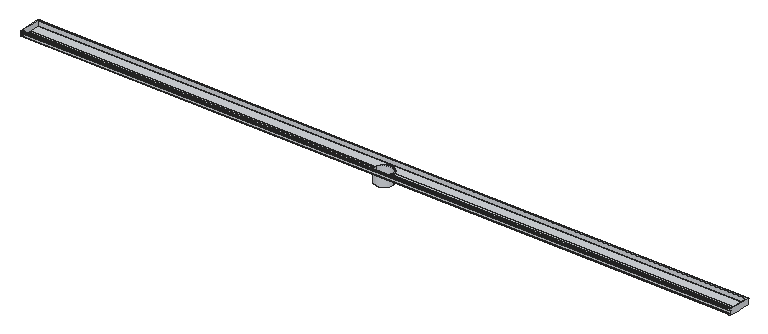
Revit family "Reece_Waste_Kado_Lux_Shower Channel_Custom_Welded Ends", category Plumbing Fixtures, host Face, Revit 2018
Family settings
  Host = Face
  Round Connector Dimension = Use Diameter
  Part Type = Normal
  Cut with Voids When Loaded = No
  Shared = Yes
  Room Calculation Point = Yes
Parameters
  Waste Connection = no
  Waste = Reece_Waste_Kado_Lux_Shower Channel_Custom_Rectangular_Nested : Reece_Waste_Kado_Lux_Shower Channel_Custom_Rectangular_Nested
  WFU = 0  # constant formula
  Vent Connection = no
  URL = "https://www.reece.com.au/product/-306295"
  Type Comments = "Waste\r\n"
  Reece_Waste_Outlet = 76.2 mm  # constant formula
  Reece_Product_Web Page = "https://www.reece.com.au/product/-306295"
  Reece_Product_Type = "Waste\r\n"  # constant formula
  Reece_Product_Sub Brand = "Lux"  # constant formula
  Reece_Product_Number = "306295"
  Reece_Product_Mount = "Floor Inset"
  Reece_Product_Description = "Kado Lux Shower Channel Custom Welded Ends Made to Length Satin"
  Reece_Product_Brand = "Kado"  # constant formula
  Reece_Overall_Width = 96 mm  # constant formula
  Reece_Overall_Length [instance] = 3000 mm
  Reece_Overall_Height = 24 mm  # constant formula
  Reece_Material_Main = Reece_Metal_Stainless Steel_Satin
  Reece_Detail_Shape = "Cut to length"
  Reece_Detail_Disclaimer = "THIS FILE IS THE PROPERTY OF THE REECE GROUP. IT MAY NOT BE REPRODUCED, REVERSE-ENGINEERED OR MODIFIED. ANY REPUBLICATION, TRANSMISSION OR DISTRIBUTION FOR THE PURPOSE OF COMMERCIALLY EXPLOITING THE FILES IS PROHIBITED."  # constant formula
  Reece_Detail_Additional = "Shower Channel"  # constant formula
  Model = "Lux"
  Manufacturer = "Kado"
  Keynote = "Product #306295, Reece_Waste_Kado_Lux_Shower Channel_Custom_Welded Ends -  "
  HWFU = 0  # constant formula
  HW Connection = no
  Disclaimer = "THIS FILE IS THE PROPERTY OF THE REECE GROUP. IT MAY NOT BE REPRODUCED, REVERSE-ENGINEERED OR MODIFIED. ANY REPUBLICATION, TRANSMISSION OR DISTRIBUTION FOR THE PURPOSE OF COMMERCIALLY EXPLOITING THE FILES IS PROHIBITED."  # constant formula
  Description = "Kado Lux Shower Channel Custom Welded Ends Made to Length Satin"
  Default Elevation = 1000 mm
  CWFU = 0  # constant formula
  CW Connection = no
Types (4, lengths in mm): name | Waste | URL | Reece_Product_Web Page | Reece_Product_Number | Reece_Product_Description | Reece_Detail_Shape | Keynote | Description
  (no name) | Reece_Waste_Kado_Lux_Shower Channel_Custom_Rectangular_Nested : Reece_Waste_Kado_Lux_Shower Channel_Custom_Rectangular_Nested | "https://www.reece.com.au/product/-306295" | "https://www.reece.com.au/product/-306295" | "306295" | "Kado Lux Shower Channel Custom Welded Ends Made to Length Satin" | "Cut to length" | "Product #306295, Reece_Waste_Kado_Lux_Shower Channel_Custom_Welded Ends -  " | "Kado Lux Shower Channel Custom Welded Ends Made to Length Satin"
  3000 mm_Made to Length_Satin Stainless Steel | Reece_Waste_Kado_Lux_Shower Channel_Custom_Rectangular_Nested : Reece_Waste_Kado_Lux_Shower Channel_Custom_Rectangular_Nested | "https://www.reece.com.au/product/-306295" | "https://www.reece.com.au/product/-306295" | "306295" | "Kado Lux Shower Channel Custom Welded Ends Made to Length Satin" | "Cut to length" | "Product #306295, Reece_Waste_Kado_Lux_Shower Channel_Custom_Welded Ends - 3000 mm_Made to Length_Satin Stainless Steel" | "Kado Lux Shower Channel Custom Welded Ends Made to Length Satin"
  3000 mm_Oval_Made to Length_Satin Stainless Steel | Reece_Waste_Kado_Lux_Shower Channel_Custom_Oval_Nested : Reece_Waste_Kado_Lux_Shower Channel_Custom_Oval_Nested | "https://www.reece.com.au/product/-306294" | "https://www.reece.com.au/product/-306294" | "306294" | "Kado Lux Oval Shower Channel Custom Welded Ends Made to Length Satin" | "Oval" | "Product #306294, Reece_Waste_Kado_Lux_Shower Channel_Custom_Welded Ends - 3000 mm_Oval_Made to Length_Satin Stainless Steel" | "Kado Lux Oval Shower Channel Custom Welded Ends Made to Length Satin"
  3000 mm_Square_Made to Length_Satin Stainless Steel | Reece_Waste_Kado_Lux_Shower Channel_Custom_Square_Nested : Reece_Waste_Kado_Lux_Shower Channel_Custom_Square_Nested | "https://www.reece.com.au/product/-306296" | "https://www.reece.com.au/product/-306296" | "306296" | "Kado Lux Square Shower Channel Custom Welded Ends Made to Length Satin" | "Square" | "Product #306296, Reece_Waste_Kado_Lux_Shower Channel_Custom_Welded Ends - 3000 mm_Square_Made to Length_Satin Stainless Steel" | "Kado Lux Square Shower Channel Custom Welded Ends Made to Length Satin"
Reference planes
  plane 1 "Center (Front/Back)": y = 0
  plane 2 "Bottom": z = 0
  plane 3 "Center (Left/Right)": x = 0
  plane 4: z = -2
  plane 5: y = -46.5
  plane 6: x = -1500
  plane 7: x = 1500
  plane 8: y = 48
  plane 9: y = -48
  plane 10: z = -2
  plane 11: z = -26
  plane 12: z = -66
  plane 13: x = -1504
  plane 14: x = 1504
Forms (mm)
  Extrusion 1, void
    sketch origin (0, 0, -27) x (0, 1, 0) y (-1, 0, 0)
      loop
        line (48, 1500) -> (-48, 1500) -> (-48, -1500) -> (48, -1500) -> (48, 1500)
    from -39 to 32
  Revolve 2, solid
    sketch origin (0, 0, -2) x (1, 0, 0) y (0, 0, 1)
      loop
        line (-34.998, -21.501) -> (-36.549, -21.501) -> (-36.549, -24) -> (-38.1, -24) -> (-38.1, -64) -> (-34.998, -64) -> (-34.998, -21.501)
      axis (0, -21.501) -> (0, -64)
    angle from 0 to 360
Text (mm)
  text "Reece Copyright © 2018, Reece Ltd." at (-393.096, -183.932, 0), in view "Ref. Level"
  text "Reece ©" at (15.979, 169.586, 131.386), in view "Reece Preview"
Dimensions and locks
  "Reece_Overall_Length": plane 6 to plane 7
  equal spacing: plane 6, plane 3 "Center (Left/Right)", plane 7
  "Reece_Overall_Width": plane 9 to plane 8
  "Reece_Overall_Height": plane 10 to plane 11
  plane 6 to plane 7 = 3000 mm
  plane 11 to plane 10 = 24 mm
  plane 12 to plane 11 = 40 mm
  aligned and locked: host face to plane 2 "Bottom"
  aligned and locked: host face to level
  aligned and locked: plane 7 to Extrusion 1 sketch curve
  aligned and locked: Extrusion 1 sketch curve to plane 6
Automatic sketch dimensions
  host sketch curve to host sketch curve = 3270.03 mm
  host sketch curve to host sketch curve = 236.162 mm
  plane 9 to Extrusion 1 sketch curve = 0 mm
  plane 8 to Extrusion 1 sketch curve = 0 mm
  Revolve 2 sketch curve to plane 11 = 0 mm  (x2)
  Revolve 2 sketch curve to plane 12 = 0 mm  (x2)
  Revolve 2 sketch curve to plane 3 "Center (Left/Right)" = 0 mm
  Revolve 2 sketch curve to plane 11 = 2.499 mm
  Revolve 2 sketch curve to plane 3 "Center (Left/Right)" = 34.998 mm
  Revolve 2 sketch curve to Revolve 2 sketch curve = 1.551 mm
  Revolve 2 sketch curve to Revolve 2 sketch curve = 3.102 mm
Nested families
  nested 1: "Reece_Waste_Kado_Lux_Shower Channel_Custom_Rectangular_Nested" at (0, 0, 0), Reece_Overall_Length <- "Reece_Overall_Length", type <- "Waste", Reece_Material_Main <- "Reece_Material_Main", type "Reece_Waste_Kado_Lux_Shower Channel_Custom_Rectangular_Nested"
    with Reece_Overall_Length 3000 mm, Reece_Material_Main Reece_Metal_Stainless Steel_Satin
Connectors
  piping at (0, 0, -66), diameter 76.2, driven by "Reece_Waste_Outlet"
    settings: on nested 1, index 1, connector inside diameter 609.6 mm, connector length 0 mm, flow factor 0, pipe flow 0.0 L/s, pressure drop 0.0 Pa, fitting loss kfactor 0, connector angle 0.00°, fixture units 0, engagement length 0 mm, angle of deflection 0.00°, flow configuration 0, flow direction 2, fitting loss method 0, system type 16, joint type 0, gender type 0, connector reference index -1, connector utility 0, adjustable connector no, is connector primary yes, connector description ""
Definition of nested family "Reece_Waste_Kado_Lux_Shower Channel_Custom_Rectangular_Nested"
  Parameters (values of type "Reece_Waste_Kado_Lux_Shower Channel_Custom_Rectangular_Nested")
    Waste Connection = no
    WFU = 0
    Vent Connection = no
    URL = ""
    Type Comments = ""
    Reece_Overall_Length [instance] = 2000 mm
    Reece_Material_Main [instance] = none
    Model = ""
    Manufacturer = ""
    Keynote = ""
    HWFU = 0
    HW Connection = no
    Description = ""
    Default Elevation = 0 mm
    Cost = 0
    CWFU = 0
    CW Connection = no
    Assembly Code = ""
  Reference planes
    plane 1 "Center (Front/Back)": y = 0
    plane 2 "Bottom": z = 0
    plane 3 "Center (Left/Right)": x = 0
    plane 4: y = 48
    plane 5: y = -48
    plane 6: z = -2
    plane 7: y = -46.5
    plane 8: z = -66
    plane 9: z = -26
    plane 10: x = -1005
    plane 11: x = 1000
    plane 12: x = -1000
    plane 13: x = -997
    plane 14: x = 997
    plane 15: x = -1510
    plane 16: x = 1504
    plane 17: x = -2
    plane 18: x = 2
    plane 19: x = -994
  Forms (mm)
    Extrusion 1, solid
      sketch origin (619.2, -619.2, 0) x (1, 0, 0) y (0, 1, 0)
        loop
          line (-2419.2, 734.2) -> (-2419.2, 500.538) -> (1157.721, 500.538) -> (1157.721, 734.2) -> (-2419.2, 734.2)
      from 0 to -89.663
    Extrusion 2, solid, material <- "Reece_Material_Main"
      sketch origin (0, 0, -2) x (0, -1, 0) y (0, 0, 1)
        loop
          line (-45, -2.1) -> (-45, -19.029)
          arc (-45, -19.029) -> (-44.173, -21.097) -> (-42.149, -22.025) r 3
          line (-42.149, -22.025) -> (-4.7, -23.883)
          arc (-4.7, -23.883) -> (0, -24) -> (4.7, -23.883) r 94.826
          line (4.7, -23.883) -> (42.149, -22.025)
          arc (42.149, -22.025) -> (44.173, -21.097) -> (45, -19.029) r 3
          line (45, -19.029) -> (45, -2.1)
          arc (45, -2.1) -> (46.134, -1.231) -> (46.678, -2.552) r 0.9
          line (46.678, -2.552) -> (45.019, -5.408) -> (46.002, -6) -> (47.699, -3.184)
          arc (47.699, -3.184) -> (46.462, -0.077) -> (43.8, -2.1) r 2.1
          line (43.8, -2.1) -> (43.8, -18.838)
          arc (43.8, -18.838) -> (43.249, -20.217) -> (41.899, -20.836) r 2
          line (41.899, -20.836) -> (4.641, -22.685)
          arc (4.641, -22.685) -> (0, -22.8) -> (-4.641, -22.685) r 93.626
          line (-4.641, -22.685) -> (-41.899, -20.836)
          arc (-41.899, -20.836) -> (-43.249, -20.217) -> (-43.8, -18.838) r 2
          line (-43.8, -18.838) -> (-43.8, -2.1)
          arc (-43.8, -2.1) -> (-46.462, -0.077) -> (-47.699, -3.184) r 2.1
          line (-47.699, -3.184) -> (-46.002, -6) -> (-45.019, -5.408) -> (-46.678, -2.552)
          arc (-46.678, -2.552) -> (-46.134, -1.231) -> (-45, -2.1) r 0.9
      from -1500 to 1500
    Extrusion 3, void
      sketch origin (0, 0, -27) x (0, 1, 0) y (-1, 0, 0)
        loop
          circle (0, 0) r 34.998
      from 0 to 17
    Extrusion 4, void
      sketch origin (0, 0, 0) x (0, 1, 0) y (0, 0, 1)
        loop
          line (4.7, -25.258) -> (38.423, -23.585) -> (38.423, -21.66) -> (-38.133, -21.66) -> (-38.133, -23.599) -> (-4.7, -25.258)
          arc (-4.7, -25.258) -> (0, -25.375) -> (4.7, -25.258) r 94.826
      from -45.507 to 40.859
    Extrusion 5, void
      sketch origin (0, 0, -27) x (0, 1, 0) y (-1, 0, 0)
        loop
          line (-48, -997) -> (-48, -1511.432) -> (48, -1511.432) -> (48, -997) -> (-48, -997)
      from 0 to 27
    Extrusion 6, solid, material <- "Reece_Material_Main"
      sketch origin (0, 0, 0) x (0, 1, 0) y (0, 0, 1)
        loop
          arc (43.8, -4.1) -> (44.415, -2.615) -> (45.9, -2) r 2.1
          line (45.9, -2) -> (-45.9, -2)
          arc (-45.9, -2) -> (-44.415, -2.615) -> (-43.8, -4.1) r 2.1
          line (-43.8, -4.1) -> (-43.8, -20.838)
          arc (-43.8, -20.838) -> (-43.249, -22.217) -> (-41.899, -22.836) r 2
          line (-41.899, -22.836) -> (-4.641, -24.685)
          arc (-4.641, -24.685) -> (0, -24.8) -> (4.641, -24.685) r 93.626
          line (4.641, -24.685) -> (41.899, -22.836)
          arc (41.899, -22.836) -> (43.249, -22.217) -> (43.8, -20.838) r 2
          line (43.8, -20.838) -> (43.8, -4.1)
      from -1000 to -998
    Extrusion 7, solid, material <- "Reece_Material_Main"
      sketch origin (0, 0, 0) x (0, 1, 0) y (0, 0, 1)
        loop
          line (45.9, -2) -> (-45.9, -2)
          arc (-45.9, -2) -> (-44.415, -2.615) -> (-43.8, -4.1) r 2.1
          line (-43.8, -4.1) -> (-43.8, -20.838)
          arc (-43.8, -20.838) -> (-43.249, -22.217) -> (-41.899, -22.836) r 2
          line (-41.899, -22.836) -> (-4.641, -24.685)
          arc (-4.641, -24.685) -> (0, -24.8) -> (4.641, -24.685) r 93.626
          line (4.641, -24.685) -> (41.899, -22.836)
          arc (41.899, -22.836) -> (43.249, -22.217) -> (43.8, -20.838) r 2
          line (43.8, -20.838) -> (43.8, -4.1)
          arc (43.8, -4.1) -> (44.415, -2.615) -> (45.9, -2) r 2.1
      from 998 to 1000
    Extrusion 8, void
      sketch origin (0, 0, -27) x (0, 1, 0) y (-1, 0, 0)
        loop
          line (48, 1550) -> (-48, 1550) -> (-48, 998) -> (48, 998) -> (48, 1550)
      from 0 to 31.807
    Extrusion 9, void
      sketch origin (0, 0, -27) x (0, 1, 0) y (-1, 0, 0)
        loop
          line (-48, -1000) -> (-48, -1511.432) -> (48, -1511.432) -> (48, -1000) -> (-48, -1000)
        loop
          line (-48, 1511.432) -> (-48, 1000) -> (48, 1000) -> (48, 1511.432) -> (-48, 1511.432)
      from 0 to 27
  Cuts and joins
    Extrusion 3, Extrusion 9 cuts Extrusion 2
    Extrusion 9 cuts Extrusion 6
    Extrusion 9 cuts Extrusion 7
    joined: Extrusion 2, Extrusion 6, Extrusion 7
    Extrusion 5, Extrusion 9 cuts ?
    Extrusion 8 cuts ?
  Text (mm)
    text "Reece Copyright © 2018, Reece Ltd." at (-393.096, -183.932, 0), in view "Ref. Level"
    text "Reece ©" at (15.979, 169.586, 131.386), in view "Reece Preview"
  Dimensions and locks
    plane 8 to plane 9 to plane 6 = 40 mm, 24 mm
    "Reece_Overall_Length": plane 12 to plane 11
    equal spacing: plane 12, plane 3 "Center (Left/Right)", plane 11
    locked: plane 12 to plane 13 at 3
    locked: plane 14 to plane 11 at 3
    locked: plane 12 to Extrusion 6 at 2
    locked: Extrusion 7 to plane 11 at 2
    locked: plane 10 to plane 13 at 8
    locked: plane 13 to plane 19 at 3
    aligned and locked: Extrusion 1 to plane 2 "Bottom"
    aligned and locked: Extrusion 1 to level
    aligned and locked: Extrusion 5 sketch curve to plane 14
    aligned and locked: plane 12 to Extrusion 6
    aligned and locked: Extrusion 7 to plane 11
    aligned and locked: Extrusion 9 sketch curve to plane 11
  Automatic sketch dimensions
    Extrusion 1 sketch curve to Extrusion 1 sketch curve = 3576.921 mm
    Extrusion 1 sketch curve to Extrusion 1 sketch curve = 233.662 mm
    Extrusion 2 sketch curve to Extrusion 2 sketch curve = 0 mm  (x6)
    Extrusion 2 sketch curve to plane 1 "Center (Front/Back)" = 0 mm
    plane 9 to Extrusion 2 sketch curve = 1.315 mm  (x2)
    Extrusion 2 sketch curve to plane 1 "Center (Front/Back)" = 4.641 mm
    plane 9 to Extrusion 2 sketch curve = 0.117 mm  (x2)
    Extrusion 2 sketch curve to Extrusion 2 sketch curve = 0.059 mm
    Extrusion 2 sketch curve to plane 4 = 6.2 mm
    plane 9 to Extrusion 2 sketch curve = 3.164 mm
    Extrusion 2 sketch curve to Extrusion 2 sketch curve = 0.099 mm  (x2)
    Extrusion 2 sketch curve to Extrusion 2 sketch curve = 0.2 mm  (x2)
    plane 9 to Extrusion 2 sketch curve = 1.975 mm  (x2)
    Extrusion 2 sketch curve to Extrusion 2 sketch curve = 0.25 mm  (x2)
    Extrusion 2 sketch curve to Extrusion 2 sketch curve = 1.8 mm  (x2)
    Extrusion 2 sketch curve to Extrusion 2 sketch curve = 1.2 mm  (x2)
    Extrusion 2 sketch curve to plane 4 = 2.981 mm
    Extrusion 2 sketch curve to Extrusion 2 sketch curve = 0.9 mm
    Extrusion 2 sketch curve to Extrusion 2 sketch curve = 0.982 mm
    Extrusion 2 sketch curve to Extrusion 2 sketch curve = 0.778 mm
    Extrusion 2 sketch curve to plane 4 = 0.301 mm
    plane 7 to Extrusion 2 sketch curve = 4.7 mm
    plane 7 to Extrusion 2 sketch curve = 1.481 mm
    plane 7 to Extrusion 2 sketch curve = 0.6 mm
    plane 7 to Extrusion 2 sketch curve = 0.498 mm
    Extrusion 2 sketch curve to plane 7 = 0.178 mm
    Extrusion 2 sketch curve to plane 5 = 0.301 mm
    Extrusion 2 sketch curve to Extrusion 2 sketch curve = 1.189 mm
    Extrusion 2 sketch curve to level = 8 mm  (x2)
    Extrusion 2 sketch curve to Extrusion 2 sketch curve = 0.592 mm  (x2)
    level to Extrusion 2 sketch curve = 68.826 mm
    plane 1 "Center (Front/Back)" to Extrusion 3 sketch curve = 0 mm
    Extrusion 3 sketch curve to plane 3 "Center (Left/Right)" = 0 mm
    Extrusion 4 sketch curve to plane 1 "Center (Front/Back)" = 0 mm
    plane 9 to Extrusion 4 sketch curve = 0.742 mm  (x2)
    plane 1 "Center (Front/Back)" to Extrusion 4 sketch curve = 4.7 mm
    plane 7 to Extrusion 4 sketch curve = 8.367 mm
    plane 9 to Extrusion 4 sketch curve = 4.34 mm
    Extrusion 4 sketch curve to plane 4 = 9.577 mm
    Extrusion 4 sketch curve to Extrusion 4 sketch curve = 1.939 mm
    Extrusion 4 sketch curve to Extrusion 4 sketch curve = 1.925 mm
    level to Extrusion 4 sketch curve = 69.451 mm
    plane 16 to Extrusion 5 sketch curve = 7.432 mm
    plane 6 to Extrusion 6 sketch curve = 0 mm  (x3)
    Extrusion 6 sketch curve to plane 1 "Center (Front/Back)" = 0 mm
    plane 9 to Extrusion 6 sketch curve = 1.315 mm  (x2)
    plane 1 "Center (Front/Back)" to Extrusion 6 sketch curve = 4.641 mm
    plane 7 to Extrusion 6 sketch curve = 4.7 mm
    plane 9 to Extrusion 6 sketch curve = 3.164 mm  (x2)
    Extrusion 6 sketch curve to Extrusion 6 sketch curve = 0.099 mm  (x2)
    Extrusion 6 sketch curve to Extrusion 6 sketch curve = 2 mm  (x2)
    plane 7 to Extrusion 6 sketch curve = 0.6 mm
    Extrusion 6 sketch curve to plane 4 = 6.2 mm
    Extrusion 6 sketch curve to plane 4 = 2.1 mm
    level to Extrusion 6 sketch curve = 68.826 mm
    Extrusion 6 sketch curve to Extrusion 6 sketch curve = 0 mm  (x2)
    plane 6 to Extrusion 7 sketch curve = 0 mm  (x3)
    Extrusion 7 sketch curve to plane 1 "Center (Front/Back)" = 0 mm
    plane 9 to Extrusion 7 sketch curve = 1.315 mm  (x2)
    plane 1 "Center (Front/Back)" to Extrusion 7 sketch curve = 4.641 mm
    plane 7 to Extrusion 7 sketch curve = 4.7 mm
    Extrusion 7 sketch curve to Extrusion 7 sketch curve = 0.099 mm  (x2)
    Extrusion 7 sketch curve to Extrusion 7 sketch curve = 2 mm  (x2)
    plane 7 to Extrusion 7 sketch curve = 0.6 mm
    Extrusion 7 sketch curve to plane 4 = 6.2 mm
    plane 9 to Extrusion 7 sketch curve = 3.164 mm  (x2)
    Extrusion 7 sketch curve to plane 4 = 2.1 mm
    level to Extrusion 7 sketch curve = 68.826 mm
    Extrusion 7 sketch curve to Extrusion 7 sketch curve = 0 mm  (x2)
    plane 5 to Extrusion 5 sketch curve = 0 mm
    Extrusion 5 sketch curve to plane 4 = 0 mm
    Extrusion 8 sketch curve to plane 5 = 0 mm
    Extrusion 8 sketch curve to plane 4 = 0 mm
    plane 15 to Extrusion 8 sketch curve = 40 mm
    Extrusion 8 sketch curve to plane 13 = 1 mm
    plane 5 to Extrusion 9 sketch curve = 0 mm
    Extrusion 9 sketch curve to plane 5 = 0 mm
    Extrusion 9 sketch curve to plane 4 = 0 mm
    plane 4 to Extrusion 9 sketch curve = 0 mm
    Extrusion 9 sketch curve to plane 12 = 0 mm
    plane 16 to Extrusion 9 sketch curve = 7.432 mm
    plane 15 to Extrusion 9 sketch curve = 1.432 mm
    radius of Extrusion 3 sketch curve = 34.998 mm
